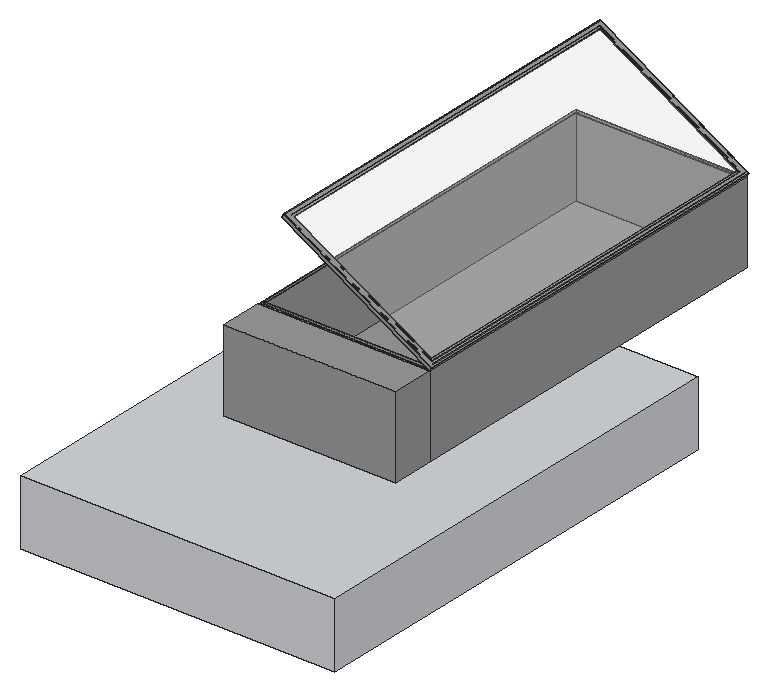
Revit family "Hager-Univers-IP55-D400-H2050-Cl.II-Steel_encl-ES-es", category Equipement électrique, Revit 2020
Family settings
  Hôte = Face
  Configuration du panneau = Deux colonnes, circuits au sein
  Cote de connecteur circulaire = Utiliser le diamètre
  Type d'élément = Tableau de raccordement
  Couper avec des vides une fois chargée = Non
  Partagée = Non
  Point de calcul de pièce = Non
Parameters (values of type "Instalación de suelo IP55 A800 A2050 P400  - FR23U2")
  Width Control [instance] = if([EF000008 - Anchura] > Min Width, [EF000008 - Anchura], Min Width)  # 800 mm
  Commentaires du type = [HG000003 - Gama]  # "Univers"
  Thickness Door [instance] = if([EF009171 - Espesor puerta/tapa] > 3 mm, 3 mm, [EF009171 - Espesor puerta/tapa])  # 1.5 mm
  Seal Frame Offset [instance] = 17 mm  # constant formula
  Plinth Visibility [instance] = [HG000027 - Altura de zócalo] > 0 mm  # yes
  Model = ""
  Min Width [instance] = 100 mm  # constant formula
  Min Height [instance] = 100 mm  # constant formula
  Min Depth [instance] = (2 * [EF009170 - Espesor del material de la caja]) + 1 mm  # 4 mm
  Internal Frame Depth [instance] = (Door System Depth * 0.5)  # 9 mm
  Height Control [instance] = if([EF000040 - Altura] > Min Height, [EF000040 - Altura], Min Height)  # 2050 mm
  HG000027 - Altura de zócalo = 200 mm
  HG000026 - Instalación en suelo = yes
  HG000024 - Altura de la sección inferior = 800 mm
  HG000023 - Caja de doble sección = no
  HG000016 - Visibilidad de la puerta 3D [instance] = yes
  HG000015 - Visibilidad a través de la puerta [instance] = no
  HG000014 - Puerta a la derecha [instance] = yes
  HG000013 - Puerta a la izquierda [instance] = not([HG000014 - Puerta a la derecha])  # no
  HG000012 - Ángulo de giro de la puerta [instance] = 30.00°
  HG000010 - Puertas asimétricas = no
  HG000009 - Puerta batiente doble = no
  HG000006 - Empotrado = no
  HG000004 - Referencia del fabricante = "FR23U2"
  HG000003 - Gama = "Univers"
  HG000002 - Con puerta o tapa = yes
  Frame Offset Bottom [instance] = 10 mm  # constant formula
  Frame Offset [instance] = 15 mm  # constant formula
  EF015940 - Tapa con alivio de sobrepresión = no
  EF011959 - Grado de protección (NEMA) = ""
  EF009554 - Número de aberturas para placas-brida = 6
  Fabricant = "Hager"  # constant formula
  EF009212 - Versión de la cubierta = "EV000116 - Cerrado"
  EF009171 - Espesor puerta/tapa = 1.5 mm
  EF009170 - Espesor del material de la caja = 1.5 mm
  EF008873 - Corriente nominal (In) = 800 A
  EF007800 - Adecuado para la protección contra rayos = no
  EF006306 - Con cierre = no
  EF006244 - Tapa/puerta transparente = yes
  EF005474 - Grado de protección (IP) = "EV006420 - IP55"
  EF004464 - Tipo de puerta = "EV002646 - Único"
  EF004427 - Número de módulos = 432
  EF004293 - Resistencia al impacto (IK) = "EV008784 - IK10"
  EF003532 - Adecuado para uso en exteriores = no
  EF002950 - Anchura de unidades de división = 24
  EF001613 - Integridad del circuito = "EV000494 - Ninguno"
  EF001596 - Material de la carcasa = "EV000179 - Acero"
  EF001131 - Profundidad interna = 400 mm
  EF001088 - Posibilidad de extensión = yes
  EF000437 - Número de entradas de conductos de cables = 6
  EF000339 - Tipo de cubierta = "EV004216 - Puerta"
  EF000266 - Número de filas = 12
  EF000218 - Profundidad de instalación = 0 mm
  EF000118 - Con placa de montaje = no
  EF000116 - Número RAL = "7035"
  EF000049 - Profundidad = 400 mm
  EF000040 - Altura = 2050 mm
  EF000008 - Anchura = 800 mm
  EF000007 - Color = "EV000270 - Gris"
  EF000003 - Tipo de montaje = "EV012274 - Instalación de suelo"
  Door System Leaf Tolerance [instance] = 1.5 mm  # constant formula
  Door System Depth [instance] = 18 mm  # constant formula
  Door Height [instance] = Height Control - [HG000027 - Altura de zócalo]  # 1850 mm
  Depth Control [instance] = if([EF000049 - Profundidad] > Min Depth, [EF000049 - Profundidad], Min Depth)  # 400 mm
  Default Elevation = 0 mm
  Connector Offset [instance] = Height Control / 2  # 1025 mm
  Bottom Top Plate Trim [instance] = 1.5 mm  # constant formula
  Plinth height Ctrl [instance] = if([HG000027 - Altura de zócalo] > 0 mm, [HG000027 - Altura de zócalo], 12 mm)  # 200 mm
Types (11, lengths in mm): name | Width Control | HG000010 - Puertas asimétricas | HG000009 - Puerta batiente doble | HG000004 - Referencia del fabricante | EF009554 - Número de aberturas para placas-brida | EF006244 - Tapa/puerta transparente | EF004464 - Tipo de puerta | EF004427 - Número de módulos | EF000437 - Número de entradas de conductos de cables | EF000008 - Anchura
  Instalación de suelo IP55 A1050 A2050 P400  - FR24H2 | 1050 | yes | yes | "FR24H2" | 8 | no | "EV003602 - Doble" | 576 | 8 | 1050
  Instalación de suelo IP55 A1050 A2050 P400  - FR24U2 | 1050 | yes | yes | "FR24U2" | 8 | yes | "EV003602 - Doble" | 576 | 8 | 1050
  Instalación de suelo IP55 A1300 A2050 P400  - FR25H2 | 1300 | yes | yes | "FR25H2" | 10 | no | "EV003602 - Doble" | 720 | 10 | 1300
  Instalación de suelo IP55 A1300 A2050 P400  - FR25U2 | 1300 | yes | yes | "FR25U2" | 10 | yes | "EV003602 - Doble" | 720 | 10 | 1300
  Instalación de suelo IP55 A1550 A2050 P400  - FR26H2 | 1550 | yes | yes | "FR26H2" | 12 | no | "EV003602 - Doble" | 864 | 12 | 1550
  Instalación de suelo IP55 A1550 A2050 P400  - FR26U2 | 1550 | yes | yes | "FR26U2" | 12 | yes | "EV003602 - Doble" | 864 | 12 | 1550
  Instalación de suelo IP55 A300 A2050 P400  - FR21H2 | 300 | no | no | "FR21H2" | 2 | no | "EV002646 - Único" | 144 | 2 | 300
  Instalación de suelo IP55 A550 A2050 P400  - FR22H2 | 550 | no | no | "FR22H2" | 4 | no | "EV002646 - Único" | 288 | 4 | 550
  Instalación de suelo IP55 A550 A2050 P400  - FR22U2 | 550 | no | no | "FR22U2" | 4 | yes | "EV002646 - Único" | 288 | 4 | 550
  Instalación de suelo IP55 A800 A2050 P400  - FR23H2 | 800 | no | no | "FR23H2" | 6 | no | "EV002646 - Único" | 432 | 6 | 800
  Instalación de suelo IP55 A800 A2050 P400  - FR23U2 | 800 | no | no | "FR23U2" | 6 | yes | "EV002646 - Único" | 432 | 6 | 800
Reference planes
  plane 1 "Center (Front/Back)": y = 0
  plane 2: z = 0
  plane 3 "Center (Left/Right)": x = 0
  plane 4: z = 400
  plane 5: y = 201.5
  plane 6: y = 1125
  plane 7: y = 200
  plane 8: y = 2050
  plane 9: z = 0
  plane 10: x = -385
  plane 11: x = 385
  plane 12: x = 383.5
  plane 13: x = -383.5
  plane 14: y = 2048.5
  plane 15: x = -383
  plane 16: x = -400
  plane 17: x = 383
  plane 18: x = 400
  plane 19: x = 398.5
  plane 20: x = -398.5
  plane 21: y = 211.5
  plane 22: y = 2050
  plane 23: y = 2033.5
  plane 24: z = 382
  plane 25: z = 1.5
  plane 26: z = 380.5
  plane 27: z = 398.5
Forms (mm)
  Extrusion 1, solid
    sketch origin (0, 0, 0) x (1, 0, 0) y (0, 1, 0)
      loop
        line (-702.964, 1305) -> (-702.964, -811.445) -> (766.763, -811.445) -> (766.763, 1305) -> (-702.964, 1305)
    from 0 to -304.8
  Extrusion 2, solid, material "Hager_Steel_RAL7035_Light_Grey", visible <- "Plinth Visibility", detail levels medium+fine
    sketch origin (0, 0, 0) x (1, 0, 0) y (0, 1, 0)
      loop
        line (-400, 0) -> (400, 0) -> (400, 200) -> (-400, 200) -> (-400, 0)
    from 0 to 382
  Extrusion 3, solid, material "Hager_Steel_RAL7035_Light_Grey", detail levels medium+fine
    sketch origin (0, 0, 0) x (1, 0, 0) y (0, 1, 0)
      loop
        line (-400, 200) -> (400, 200) -> (400, 2050) -> (-400, 2050) -> (-400, 200)
    from 0 to 382
  Extrusion 4, void
    sketch origin (0, 0, 0) x (1, 0, 0) y (0, 1, 0)
      loop
        line (-398.5, 201.5) -> (398.5, 201.5) -> (398.5, 2048.5) -> (-398.5, 2048.5) -> (-398.5, 201.5)
    from 1.5 to 380.5
  Extrusion 5, void
    sketch origin (-381.607, -4572, 382) x (0, -1, 0) y (-1, 0, 0)
      loop
        line (-4783.5, 1.893) -> (-6605.5, 1.893) -> (-6605.5, -765.107) -> (-4783.5, -765.107) -> (-4783.5, 1.893)
    from 0 to 1.5 <- "EF009170 - Espesor del material de la caja"
  Extrusion 6, solid, material "Hager_Steel_RAL7035_Light_Grey", detail levels fine
    sketch origin (0, 0, 382) x (1, 0, 0) y (0, 1, 0)
      loop
        line (-383.5, 2033.5) -> (-383.5, 211.5) -> (383.5, 211.5) -> (383.5, 2033.5) -> (-383.5, 2033.5)
      loop
        line (-385, 210) -> (385, 210) -> (385, 2035) -> (-385, 2035) -> (-385, 210)
    from 0 to 9 <- "Internal Frame Depth"
  Extrusion 7, solid, material "Hager_Steel_RAL7035_Light_Grey", detail levels coarse
    sketch origin (0, 0, 0) x (1, 0, 0) y (0, 1, 0)
      loop
        line (-400, 0) -> (400, 0) -> (400, 2050) -> (-400, 2050) -> (-400, 0)
    from 0 to 400
  Sweep 8, void
    path in 3D
      loop
        line (-400, 200, 0) -> (400, 200, 0) -> (400, 200, 382) -> (-400, 200, 382) -> (-400, 200, 0)
    profile origin (-400, 200, 191) x (-1, 0, 0) y (0, -1, 0)
      loop
        line (0, 0) -> (0, 1.5) -> (-1.5, 1.5)
        arc (-1.5, 1.5) -> (-1.061, 0.439) -> (0, 0) r 1.5
Cuts and joins
  Extrusion 4, Extrusion 5 cuts Extrusion 3
  Sweep 8 cuts Extrusion 2
Lines and regions (mm)
  Masking region 1
    outline origin (0, 0, 0) x (1, 0, 0) y (0, 0, 1)
      loop
        line (-400, 400) -> (-400, 0) -> (400, 0) -> (400, 400) -> (-400, 400)
  Masking region 2, detail levels medium+fine
    outline origin (0, 140, 0) x (0, 1, 0) y (0, 0, 1)
      loop
        line (60, 0) -> (1910, 0) -> (1910, 382) -> (60, 382) -> (60, 0)
  Masking region 3, not visible, detail levels medium+fine
    outline origin (0, 297.922, 0) x (0, 1, 0) y (0, 0, 1)
      loop
        line (838.578, 0) -> (878.578, 0) -> (878.578, 388.5)
        arc (878.578, 388.5) -> (875.649, 395.571) -> (868.578, 398.5) r 10
        line (868.578, 398.5) -> (838.578, 398.5) -> (838.578, 0)
  Masking region 4, detail levels coarse
    outline origin (0, 0, 180) x (0, 1, 0) y (0, 0, 1)
      loop
        line (0, -180) -> (2050, -180) -> (2050, 220) -> (0, 220) -> (0, -180)
  Masking region 5, visible <- "Plinth Visibility", detail levels medium+fine
    outline origin (0, 52.24, 12.345) x (0, 0, -1) y (0, 1, 0)
      loop
        line (10.845, 147.76) -> (-368.155, 147.76)
        arc (-368.155, 147.76) -> (-368.594, 146.699) -> (-369.655, 146.26) r 1.5
        line (-369.655, 146.26) -> (-369.655, -52.24) -> (12.345, -52.24) -> (12.345, 146.26)
        arc (12.345, 146.26) -> (11.285, 146.699) -> (10.845, 147.76) r 1.5
  Masking region 6, detail levels medium+fine
    outline origin (-381.607, -4572, 382) x (-1, 0, 0) y (0, -1, 0)
      loop
        line (18.393, -6622) -> (18.393, -4772) -> (-781.607, -4772) -> (-781.607, -6622) -> (18.393, -6622)
  Masking region 7, visible <- "Plinth Visibility", detail levels medium+fine
    outline origin (-381.607, -4727, 382) x (-1, 0, 0) y (0, -1, 0)
      loop
        arc (16.893, -4927) -> (17.332, -4925.939) -> (18.393, -4925.5) r 1.5
        line (18.393, -4925.5) -> (18.393, -4727) -> (-781.607, -4727) -> (-781.607, -4925.5)
        arc (-781.607, -4925.5) -> (-780.546, -4925.939) -> (-780.107, -4927) r 1.5
        line (-780.107, -4927) -> (16.893, -4927)
  Masking region 8, detail levels coarse
    outline origin (-442.548, -4669.526, 382) x (-1, 0, 0) y (0, -1, 0)
      loop
        line (-42.548, -6719.526) -> (-42.548, -4669.526) -> (-842.548, -4669.526) -> (-842.548, -6719.526) -> (-42.548, -6719.526)
  sketch lines
    curve 1: line (-400, 200, 382) -> (-400, 200, 0)
    curve 2: line (400, 200, 382) -> (-400, 200, 382)
    curve 3: line (400, 200, 382) -> (400, 200, 0)
    curve 4: line (-400, 200, 0) -> (400, 200, 0)
Dimensions and locks
  "Depth Control": plane 4 to Extrusion 1
  "HG000027 - Altura de zócalo": plane 1 "Center (Front/Back)" to plane 7
  "EF009170 - Espesor del material de la caja": plane 5 to plane 7
  locked: connector elem to plane 3 "Center (Left/Right)"
  equal spacing: plane 8, plane 6, plane 7
  locked: connector elem to plane 6
  "EF009170 - Espesor del material de la caja": plane 8 to plane 14
  "EF009170 - Espesor del material de la caja": plane 10 to plane 13
  "EF009170 - Espesor del material de la caja": plane 12 to plane 11
  "Frame Offset": plane 20 to plane 13
  "Frame Offset": plane 12 to plane 19
  "EF009170 - Espesor del material de la caja": plane 16 to plane 20
  "EF009170 - Espesor del material de la caja": plane 19 to plane 18
  "Seal Frame Offset": plane 16 to plane 15
  "Seal Frame Offset": plane 17 to plane 18
  "Frame Offset Bottom": plane 21 to plane 5
  "Frame Offset": plane 14 to plane 23
  equal spacing: plane 16, plane 3 "Center (Left/Right)", plane 18
  "Width Control": plane 16 to plane 18
  "EF009170 - Espesor del material de la caja": plane 4 to plane 27
  "EF009170 - Espesor del material de la caja": plane 24 to plane 26
  "EF009170 - Espesor del material de la caja": plane 25 to level
  "Door System Depth": plane 4 to plane 24
  "Height Control": plane 1 "Center (Front/Back)" to Extrusion 7 sketch curve
  "Height Control": Masking region 4 sketch curve to plane 1 "Center (Front/Back)"
  "Height Control": plane 1 "Center (Front/Back)" to plane 22
  "Bottom Top Plate Trim": profile plane to Sweep 8 sketch curve
  "Bottom Top Plate Trim": Sweep 8 sketch curve to profile plane
  "Plinth height Ctrl": plane 1 "Center (Front/Back)" to Extrusion 2 sketch curve
  "Plinth height Ctrl": Masking region 5 sketch curve to plane 1 "Center (Front/Back)"
  "Plinth height Ctrl": plane 1 "Center (Front/Back)" to Masking region 7 sketch curve
  "Thickness Door": Extrusion 6 sketch curve to Extrusion 6 sketch curve  (x3)
  "Thickness Door": cut or joined group of Extrusion 3, Extrusion 4, Extrusion 5 to Extrusion 6 sketch curve
  radius of Masking region 3 sketch curve = 10 mm
  "Bottom Top Plate Trim": radius of Masking region 5 sketch curve  (x2)
  "Bottom Top Plate Trim": radius of Sweep 8 sketch curve
  "Bottom Top Plate Trim": radius of Masking region 7 sketch curve  (x2)
  aligned and locked: plane 2 to Extrusion 1
  aligned and locked: level to Extrusion 1
  aligned and locked: level to Masking region 1 sketch curve
  aligned and locked: Masking region 1 sketch curve to plane 18
  aligned and locked: Masking region 1 sketch curve to plane 16
  aligned and locked: plane 7 to Masking region 2 sketch curve
  aligned and locked: level to Masking region 3 sketch curve
  aligned and locked: Masking region 3 sketch curve to plane 27
  aligned and locked: level to Masking region 2 sketch curve
  aligned and locked: plane 1 "Center (Front/Back)" to Extrusion 2 sketch curve
  aligned and locked: Extrusion 3 sketch curve to plane 7
  aligned and locked: plane 16 to Extrusion 3 sketch curve
  aligned and locked: plane 18 to Extrusion 3 sketch curve
  aligned and locked: plane 20 to Extrusion 4 sketch curve
  aligned and locked: plane 19 to Extrusion 4 sketch curve
  aligned and locked: Extrusion 4 sketch curve to plane 5
  aligned and locked: Extrusion 4 to plane 25
  aligned and locked: plane 26 to Extrusion 4
  aligned and locked: plane 24 to Extrusion 3
  aligned and locked: Extrusion 5 sketch curve to plane 21
  aligned and locked: Extrusion 5 sketch curve to plane 13
  aligned and locked: Extrusion 5 sketch curve to plane 12
  aligned and locked: plane 18 to Extrusion 7 sketch curve
  aligned and locked: plane 1 "Center (Front/Back)" to Extrusion 7 sketch curve
  aligned and locked: plane 16 to Extrusion 7 sketch curve
  aligned and locked: plane 4 to Extrusion 7
  aligned and locked: Extrusion 7 to level
  aligned and locked: level to Masking region 4 sketch curve
  aligned and locked: Masking region 4 sketch curve to plane 1 "Center (Front/Back)"
  aligned and locked: Masking region 4 sketch curve to plane 4
  aligned and locked: nested 1 to level
  aligned and locked: nested 1 to plane 16
  aligned and locked: plane 8 to Extrusion 3 sketch curve
  aligned and locked: plane 23 to Extrusion 5 sketch curve
  aligned and locked: plane 14 to Extrusion 4 sketch curve
  aligned and locked: Masking region 2 sketch curve to plane 8
  aligned and locked: level to Masking region 5 sketch curve
  aligned and locked: plane 16 to Extrusion 2 sketch curve
  aligned and locked: plane 18 to Extrusion 2 sketch curve
  aligned and locked: Masking region 5 sketch curve to plane 24
  aligned and locked: Masking region 2 sketch curve to plane 24
  aligned and locked: plane 24 to Extrusion 2
  aligned and locked: profile plane to Sweep 8 sketch curve  (x2)
  aligned and locked: Masking region 6 sketch curve to plane 18
  aligned and locked: Masking region 6 sketch curve to plane 22
  aligned and locked: Masking region 6 sketch curve to plane 16
  aligned and locked: plane 8 to plane 22
  aligned and locked: Masking region 6 sketch curve to plane 7
  aligned and locked: Masking region 7 sketch curve to plane 16
  aligned and locked: Masking region 7 sketch curve to plane 1 "Center (Front/Back)"
  aligned and locked: Masking region 7 sketch curve to plane 18
  aligned and locked: Masking region 8 sketch curve to plane 1 "Center (Front/Back)"
  aligned and locked: Masking region 8 sketch curve to plane 18
  aligned and locked: Masking region 8 sketch curve to plane 22
  aligned and locked: Masking region 8 sketch curve to plane 16
  aligned and locked: nested 2 to plane 7
  aligned and locked: plane 3 "Center (Left/Right)" to nested 2
  aligned and locked: nested 2 to plane 24
  aligned and locked: Extrusion 6 sketch curve to cut or joined group of Extrusion 3, Extrusion 4, Extrusion 5  (x4)
Automatic sketch dimensions
  Extrusion 1 sketch curve to Extrusion 1 sketch curve = 1469.727 mm
  Extrusion 1 sketch curve to Extrusion 1 sketch curve = 2116.445 mm
  Masking region 1 sketch curve to plane 4 = 0 mm
  plane 6 to Masking region 3 sketch curve = 11.5 mm
  Masking region 3 sketch curve to Masking region 3 sketch curve = 30 mm
  Masking region 5 sketch curve to plane 1 "Center (Front/Back)" = 0 mm
Nested families
  nested 1: "Hager_Enclosure_Symbol" at (-400, 0, 0) x (1, 0, 0) z (0, -1, 0), Height <- "Depth Control", Width <- "Width Control", type "Hager_Enclosure_Symbol"
    with Width_Ctrl 800 mm, Width 800 mm, Height_Ctrl 400 mm, Height 400 mm, A_Width_Int 26.25 mm, A_Width 315 mm, A_Height_Ctrl 350 mm, A_Height 350 mm
  nested 2: "EC000058_Univers_Door" at (0, 200, 382) x (1, 0, 0) z (0, 1, 0), Leaf_Tolerance <- "Door System Leaf Tolerance", Angle <- "HG000012 - Ángulo de giro de la puerta", Door_Depth <- "Door System Depth", Door_Left <- "HG000013 - Puerta a la izquierda", Transparent <- "EF006244 - Tapa/puerta transparente", Assymetrical <- "HG000010 - Puertas asimétricas", Width <- "Width Control", Clearance <- "HG000015 - Visibilidad a través de la puerta", Double <- "HG000009 - Puerta batiente doble", 3d_Door <- "HG000016 - Visibilidad de la puerta 3D", Lock_Visibility <- "EF006306 - Con cierre", Width_Ctrl <- "Width Control", Door_Right <- "HG000014 - Puerta a la derecha", Door <- "HG000002 - Con puerta o tapa", Height <- "Door Height", Thickness <- "Thickness Door", type "EC000058_Univers_Door", detail levels medium+fine
    with min_wh 4 mm, Width_Ctrl 800 mm, Width 800 mm, Transparent yes, Thickness 1.5 mm, Seal_Material Hager_Rubber, Lock_Visibility no, Lock_Material Hager_Plastic_RAL9005_Jet_Black, Leaf_Width 800 mm, Leaf_Tolerance_External_Sides 0 mm, Leaf_Tolerance 1.5 mm, Leaf_Offset 0 mm, Leaf_Height 1847 mm, Leaf_2_Width 800 mm, Leaf_2_Offset 400 mm, Leaf_1_Width 800 mm, Leaf_1_Offset 400 mm, Height_Ctrl 1850 mm, Height 1850 mm, Glass_Material Hager_Glass, Double_Clearance_Ctrl no, Double no, Door_Right_Ctrl yes, Door_Right yes, Door_Material Hager_Steel_RAL7035_Light_Grey, Door_Left_Ctrl no, Door_Left no, Door_Depth 18 mm, Door yes, Clearance_Material Hager_Clearance, Clearance_Depth 800 mm, Clearance_Ctrl no, Clearance no, Assymetrical no, Angle 30.00°, 3d_Door yes
Connectors
  electrical at (0, 1125, 0)
    settings: on plane 9, index 1, voltage 0 V, apparent load 0 VA, apparent load phase1 0 VA, apparent load phase2 0 VA, apparent load phase3 0 VA, power factor 1, load classification "Other", number of poles 1, system type 30, power factor state 1, is connector primary yes, connector utility no, sub classification motor no, connector description ""
Definition of nested family "EC000058_Univers_Door"
  Parameters (values of type "EC000058_Univers_Door")
    min_wh [instance] = (2 * Thickness) + 1 mm  # 11 mm
    Width_Ctrl [instance] = 400 mm
    Width [instance] = 500 mm
    Transparent [instance] = yes
    Thickness [instance] = 5 mm
    Seal_Material [instance] = none
    Lock_Visibility [instance] = yes
    Lock_Material [instance] = none
    Leaf_Width [instance] = if((Width_Ctrl - 2 * Leaf_Tolerance_External_Sides) > 0 mm, (Width_Ctrl - 2 * Leaf_Tolerance_External_Sides), min_wh)  # 400 mm
    Leaf_Tolerance_External_Sides [instance] = 0 mm  # constant formula
    Leaf_Tolerance [instance] = 1.5 mm
    Leaf_Offset [instance] = 0 mm  # constant formula
    Leaf_Height [instance] = if((Height_Ctrl - 2 * Leaf_Tolerance) > 0 mm, (Height_Ctrl - 2 * Leaf_Tolerance), min_wh)  # 497 mm
    Leaf_2_Width [instance] = if(and(and(Double, Assymetrical), Door_Left), (Leaf_Width / 3) - (Leaf_Tolerance / 2), if(and(and(Double, Assymetrical), Door_Right), (Leaf_Width / 3) * 2 - (Leaf_Tolerance / 2), if(and(Double, not(Assymetrical)), (Leaf_Width / 2) - Leaf_Tolerance, Leaf_Width)))  # 400 mm
    Leaf_2_Offset [instance] = if(and(Double, Assymetrical), Leaf_2_Width / 2, if(and(Double, not(Assymetrical)), Leaf_Width / 4, Leaf_Width / 2))  # 200 mm
    Leaf_1_Width [instance] = if(and(and(Double, Assymetrical), Door_Right), (Leaf_Width / 3) - (Leaf_Tolerance / 2), if(and(and(Double, Assymetrical), Door_Left), (Width / 3) * 2 - (Leaf_Tolerance / 2), if(and(Double, not(Assymetrical)), (Leaf_Width / 2) - Leaf_Tolerance, Leaf_Width)))  # 400 mm
    Leaf_1_Offset [instance] = if(and(Double, Assymetrical), Leaf_1_Width / 2, if(and(Double, not(Assymetrical)), Leaf_Width / 4, Leaf_Width / 2))  # 200 mm
    Height_Ctrl [instance] = if(Height > min_wh, Height, min_wh)  # 500 mm
    Height [instance] = 500 mm
    Glass_Material [instance] = none
    Double_Clearance_Ctrl [instance] = and(Double, Clearance)  # no
    Double [instance] = no
    Door_Right_Ctrl [instance] = and(or(Door_Right, Double), Door)  # yes
    Door_Right [instance] = yes
    Door_Material [instance] = none
    Door_Left_Ctrl [instance] = and(or(Door_Left, Double), Door)  # no
    Door_Left [instance] = no
    Door_Depth [instance] = 30 mm
    Door [instance] = yes
    Default Elevation = 1219.2 mm
    Clearance_Material [instance] = none
    Clearance_Depth [instance] = if(Leaf_1_Width > Leaf_2_Width, Leaf_1_Width, Leaf_2_Width)  # 400 mm
    Clearance_Ctrl [instance] = and(not(Double), Clearance)  # yes
    Clearance [instance] = yes
    Assymetrical [instance] = yes
    Angle [instance] = 30.00°
    3d_Door [instance] = yes
  Reference planes
    plane 1 "Center (Front/Back)": y = 0
    plane 2 "Bottom": z = 0
    plane 3 "Center (Left/Right)": x = 0
    plane 4: z = 500
    plane 5: x = -200
    plane 6: x = 200
    plane 7: z = 500
    plane 8: x = -200
    plane 9: z = 0
    plane 10: x = 200
    plane 11: y = 0
    plane 12: z = 1.5
    plane 13: x = -600
    plane 14: y = -400
    plane 15: x = 600
    plane 16: x = 0
    plane 17: x = 0
    plane 18: x = -200
    plane 19: x = 200
    plane 20: z = 498.5
  Forms (mm)
    Extrusion 1, solid, material <- "Clearance_Material", visible <- "Double_Clearance_Ctrl"
      sketch origin (1200, 0, 0) x (1, 0, 0) y (0, 0, -1)
        loop
          line (-1800, -498.5) -> (-600, -498.5) -> (-600, 0) -> (-1800, 0) -> (-1800, -498.5)
      from 0 to -400
  Dimensions and locks
    equal spacing: plane 5, plane 3 "Center (Left/Right)", plane 6
    "Width_Ctrl": plane 5 to plane 6
    "Leaf_Offset": plane 5 to plane 8
    "Leaf_Offset": plane 6 to plane 10
    "Leaf_Offset": plane 9 to level
    "Leaf_Offset": plane 4 to plane 7
    "Height_Ctrl": plane 4 to level
    "Leaf_Tolerance": plane 12 to plane 9
    locked: plane 11 to plane 1 "Center (Front/Back)"
    "Leaf_1_Offset": plane 18 to plane 16
    "Leaf_2_Offset": plane 17 to plane 19
    "Leaf_1_Width": plane 13 to plane 8
    "Leaf_2_Width": plane 10 to plane 15
    "Clearance_Depth": plane 14 to plane 1 "Center (Front/Back)"
    "Leaf_Tolerance_External_Sides": plane 8 to plane 18
    "Leaf_Tolerance_External_Sides": plane 19 to plane 10
    "Leaf_Tolerance": plane 7 to plane 20
    aligned and locked: level to plane 2 "Bottom"
    aligned and locked: nested 1 to plane 16
    aligned and locked: nested 2 to plane 17
    aligned and locked: Extrusion 1 to plane 13
    aligned and locked: plane 15 to Extrusion 1
    aligned and locked: Extrusion 1 to plane 14
    aligned and locked: plane 12 to nested 1
    aligned and locked: nested 2 to plane 12
    aligned and locked: Extrusion 1 to plane 11
    aligned and locked: plane 20 to Extrusion 1
    aligned and locked: nested 2 to plane 11
    aligned and locked: nested 1 to plane 11
  Automatic sketch dimensions
    Extrusion 1 sketch curve to level = 0 mm
    plane 5 to Extrusion 1 sketch curve = 400 mm
    plane 6 to Extrusion 1 sketch curve = 400 mm
    Extrusion 1 sketch curve to plane 4 = 1.5 mm
  Nested families
    nested 1: "EC000058_Univers_Door_Leaf" at (0, 0, 1.5), Width <- "Leaf_1_Width", visible <- "Door_Left_Ctrl", Leaf_Height <- "Leaf_Height", Angle <- "Angle", 3d_Door <- "3d_Door", Transparent <- "Transparent", Clearance Material <- "Clearance_Material", Clearance <- "Clearance_Ctrl", Door_Material <- "Door_Material", Glass_Material <- "Glass_Material", Door_Depth <- "Door_Depth", Lock_Material <- "Lock_Material", Seal_Material <- "Seal_Material", Lock_Visibility <- "Lock_Visibility", Thickness <- "Thickness", type "EC000058_Univers_Door_Leaf"
      with Width 400 mm, Transparent_Glass_Offset 30 mm, Transparent_Ctrl yes, Transparent yes, Thickness 5 mm, Standard no, Seal_Material none, Seal_D2 8 mm, Seal_D1 1 mm, Offset_Internal_Frame 10 mm, Lock_Width 20 mm, Lock_Visibility_3d yes, Lock_Visibility yes, Lock_Thickness_3 3 mm, Lock_Thickness_2 1 mm, Lock_Thickness_1 3 mm, Lock_Radius_Offset_2 16 mm, Lock_Radius_Offset_1 15 mm, Lock_Radius_2 5 mm, Lock_Radius 6 mm, Lock_Offset 5 mm, Lock_Material none, Lock_Height 80 mm, Lock_Cover_Top_Offset_2d 17 mm, Lock_Cover_Height -65 mm, Leaf_Height 497 mm, Internal_Seal_Thickness 8 mm, Internal_Seal_Depth_2 4.5 mm, Internal_Frame_Depth 25 mm, Glass_Thickness -1 mm, Glass_Offset -2 mm, Glass_Material none, Door_Material none, Door_Depth 30 mm, Clearance Material none, Clearance yes, Angle_Ctrl 30.00°, Angle 30.00°, 3d_Door yes
    nested 2: "EC000058_Univers_Door_Leaf" at (0, 0, 1.5) x (-1, 0, 0) z (0, 0, 1), Width <- "Leaf_2_Width", visible <- "Door_Right_Ctrl", Leaf_Height <- "Leaf_Height", Angle <- "Angle", 3d_Door <- "3d_Door", Transparent <- "Transparent", Clearance Material <- "Clearance_Material", Clearance <- "Clearance_Ctrl", Door_Material <- "Door_Material", Glass_Material <- "Glass_Material", Door_Depth <- "Door_Depth", Lock_Material <- "Lock_Material", Seal_Material <- "Seal_Material", Lock_Visibility <- "Lock_Visibility", Thickness <- "Thickness", type "EC000058_Univers_Door_Leaf"
      with Width 400 mm, Transparent_Glass_Offset 30 mm, Transparent_Ctrl yes, Transparent yes, Thickness 5 mm, Standard no, Seal_Material none, Seal_D2 8 mm, Seal_D1 1 mm, Offset_Internal_Frame 10 mm, Lock_Width 20 mm, Lock_Visibility_3d yes, Lock_Visibility yes, Lock_Thickness_3 3 mm, Lock_Thickness_2 1 mm, Lock_Thickness_1 3 mm, Lock_Radius_Offset_2 16 mm, Lock_Radius_Offset_1 15 mm, Lock_Radius_2 5 mm, Lock_Radius 6 mm, Lock_Offset 5 mm, Lock_Material none, Lock_Height 80 mm, Lock_Cover_Top_Offset_2d 17 mm, Lock_Cover_Height -65 mm, Leaf_Height 497 mm, Internal_Seal_Thickness 8 mm, Internal_Seal_Depth_2 4.5 mm, Internal_Frame_Depth 25 mm, Glass_Thickness -1 mm, Glass_Offset -2 mm, Glass_Material none, Door_Material none, Door_Depth 30 mm, Clearance Material none, Clearance yes, Angle_Ctrl 30.00°, Angle 30.00°, 3d_Door yes
  Definition of nested family "EC000058_Univers_Door_Leaf"
    Parameters (values of type "EC000058_Univers_Door_Leaf")
      Width [instance] = 2000 mm
      Transparent_Glass_Offset [instance] = 30 mm
      Transparent_Ctrl [instance] = and(Transparent, [3d_Door])  # yes
      Transparent [instance] = yes
      Thickness [instance] = 5 mm
      Standard [instance] = and(not(Transparent), [3d_Door])  # no
      Seal_Material [instance] = none
      Seal_D2 [instance] = 8 mm  # constant formula
      Seal_D1 [instance] = 1 mm  # constant formula
      Offset_Internal_Frame [instance] = 10 mm  # constant formula
      Lock_Width [instance] = 20 mm  # constant formula
      Lock_Visibility_3d [instance] = and(Lock_Visibility, [3d_Door])  # yes
      Lock_Visibility [instance] = yes
      Lock_Thickness_3 [instance] = 3 mm  # constant formula
      Lock_Thickness_2 [instance] = 1 mm  # constant formula
      Lock_Thickness_1 [instance] = 3 mm  # constant formula
      Lock_Radius_Offset_2 [instance] = Lock_Radius_Offset_1 + 1 mm  # 16 mm
      Lock_Radius_Offset_1 [instance] = 15 mm  # constant formula
      Lock_Radius_2 [instance] = Lock_Radius - 1 mm  # 5 mm
      Lock_Radius [instance] = 6 mm  # constant formula
      Lock_Offset [instance] = 5 mm  # constant formula
      Lock_Material [instance] = none
      Lock_Height [instance] = 80 mm  # constant formula
      Lock_Cover_Top_Offset_2d [instance] = Lock_Radius_Offset_2 + 1 mm  # 17 mm
      Lock_Cover_Height [instance] = -(Lock_Height - Lock_Radius_Offset_1)  # -65 mm
      Leaf_Height [instance] = 2720.336 mm
      Internal_Seal_Thickness [instance] = 8 mm  # constant formula
      Internal_Seal_Depth_2 [instance] = 4.5 mm  # constant formula
      Internal_Frame_Depth [instance] = if(Door_Depth - Thickness > 5 mm, Door_Depth - Thickness, 5 mm)  # 25 mm
      Glass_Thickness [instance] = if(Thickness > 15 mm, Glass_Offset + 10 mm, -1 mm)  # -1 mm
      Glass_Offset [instance] = if(Thickness > 15 mm, -(Thickness + 10 mm) / 2, -2 mm)  # -2 mm
      Glass_Material [instance] = none
      Door_Material [instance] = none
      Door_Depth [instance] = 30 mm
      Default Elevation = 0 mm
      Clearance Material [instance] = none
      Clearance [instance] = yes
      Angle_Ctrl [instance] = if(Angle > 180.00°, 180.00°, Angle)  # 90.00°
      Angle [instance] = 90.00°
      3d_Door [instance] = yes
    Reference planes
      plane 1 "Center (Front/Back)": y = 0
      plane 2: z = 0
      plane 3 "Center (Left/Right)": x = 0
      plane 4: y = 2000
      plane 5: x = -1000
      plane 6: x = 1000
      plane 7: x = -3000
      plane 8: z = 2720.336
      plane 9: z = 30
      plane 10: z = 2690.336
      plane 11: x = 970
      plane 12: x = -970
      plane 13: y = -3
      plane 14: z = 107.833
      plane 15: y = -5
      plane 16: y = -223.314
      plane 17: x = -1000
      plane 18: z = 1360.168
      plane 19: y = 30
    Forms (mm)
      Extrusion 1, solid, material <- "Clearance Material", visible <- "Clearance"
        sketch origin (0, 0, 0) x (1, 0, 0) y (0, 0, 1)
          loop
            line (-3000, 2720.336) -> (-3000, 0) -> (1000, 0) -> (1000, 2720.336) -> (-3000, 2720.336)
        from 0 to -2000
      Extrusion 2, solid, material <- "Door_Material", visible <- "Standard", detail levels medium+fine
        sketch origin (-1000, 0, 0) x (0, 1, 0) y (-1, 0, 0)
          loop
            line (0, 30) -> (0, 25) -> (2000, 25) -> (2000, 30) -> (0, 30)
        from 0 to 2720.336 <- "Leaf_Height"
      Extrusion 3, solid, material <- "Door_Material", visible <- "Transparent_Ctrl", detail levels medium+fine
        sketch origin (-1000, 0, 0) x (0, 1, 0) y (-1, 0, 0)
          loop
            line (0, 25) -> (2000, 25) -> (2000, 30) -> (0, 30) -> (0, 25)
        from 0 to 2720.336 <- "Leaf_Height"
      Extrusion 4, void
        sketch origin (-1025, 2000, 0) x (0, 1, 0) y (0, 0, -1)
          loop
            line (-30, -2690.336) -> (-30, -30) -> (-1970, -30) -> (-1970, -2690.336) -> (-30, -2690.336)
        from 0 to 5 <- "Thickness"
      Sweep 5, solid, material <- "Seal_Material", visible <- "Transparent_Ctrl", detail levels fine
        path in 3D
          loop
            line (-1025, 30, 30) -> (-1025, 30, 2690.336) -> (-1025, 1970, 2690.336) -> (-1025, 1970, 30) -> (-1025, 30, 30)
        profile origin (-1025, 1000, 30) x (1, 0, 0) y (0, 0, 1)
          loop
            line (0, 0) -> (0, -8) -> (1, -8) -> (1, 0) -> (0, 0)
      Extrusion 6, solid, material <- "Glass_Material", visible <- "Transparent_Ctrl", detail levels medium+fine
        sketch origin (-1030, 0, 0) x (0, 1, 0) y (0, 0, -1)
          loop
            line (1970, -2690.336) -> (1970, -30) -> (30, -30) -> (30, -2690.336) -> (1970, -2690.336)
        from -2 <- "Glass_Offset" to -1 <- "Glass_Thickness"
      Extrusion 7, solid, material <- "Door_Material", visible <- "3d_Door", detail levels medium+fine
        sketch origin (-1025, 2000, 0) x (0, -1, 0) y (0, 0, -1)
          loop
            line (0, -2720.336) -> (2000, -2720.336) -> (2000, 0) -> (0, 0) -> (0, -2720.336)
          loop
            line (1995, -5) -> (5, -5) -> (5, -2715.336) -> (1995, -2715.336) -> (1995, -5)
        from 0 to 25 <- "Internal_Frame_Depth"
      Sweep 8, solid, material <- "Seal_Material", visible <- "Transparent_Ctrl", detail levels fine
        path in 3D
          loop
            line (-1025, 0, 0) -> (-1025, 2000, 0) -> (-1025, 2000, 2720.336) -> (-1025, 0, 2720.336) -> (-1025, 0, 0)
        profile origin (-1025, 0, 1360.168) x (1, 0, 0) y (0, 1, 0)
          loop
            line (0, 10) -> (2.975, 10)
            arc (2.975, 10) -> (4.053, 10.447) -> (4.5, 11.525) r 1.525
            line (4.5, 11.525) -> (4.5, 16.527)
            arc (4.5, 16.527) -> (4.069, 17.569) -> (3.027, 18) r 1.473
            line (3.027, 18) -> (0, 18) -> (0, 10)
      Extrusion 9, solid, material <- "Lock_Material", visible <- "Lock_Visibility_3d", detail levels fine
        sketch origin (-1030, 0, 0) x (0, 1, 0) y (0, 0, -1)
          loop
            arc (1993.5, -1400.168) -> (1994.561, -1399.729) -> (1995, -1398.668) r 1.5
            line (1995, -1398.668) -> (1995, -1320.168) -> (1975, -1320.168) -> (1975, -1398.668)
            arc (1975, -1398.668) -> (1975.439, -1399.729) -> (1976.5, -1400.168) r 1.5
            line (1976.5, -1400.168) -> (1993.5, -1400.168)
        from 3 <- "Lock_Thickness_1" to 0
      Blend 10, solid, material <- "Lock_Material", visible <- "Lock_Visibility_3d", detail levels fine
        base sketch origin (-1033, 0, 0) x (0, 1, 0) y (0, 0, -1)
          loop
            line (1975, -1320.168) -> (1975, -1398.668)
            arc (1975, -1398.668) -> (1975.439, -1399.729) -> (1976.5, -1400.168) r 1.5
            line (1976.5, -1400.168) -> (1993.5, -1400.168)
            arc (1993.5, -1400.168) -> (1994.561, -1399.729) -> (1995, -1398.668) r 1.5
            line (1995, -1398.668) -> (1995, -1320.168) -> (1975, -1320.168)
        top sketch origin (-1033, 0, 0) x (0, 1, 0) y (0, 0, -1)
          loop
            line (1976, -1320.168) -> (1976, -1398.668)
            arc (1976, -1398.668) -> (1976.146, -1399.022) -> (1976.5, -1399.168) r 0.5
            line (1976.5, -1399.168) -> (1993.5, -1399.168)
            arc (1993.5, -1399.168) -> (1993.854, -1399.022) -> (1994, -1398.668) r 0.5
            line (1994, -1398.668) -> (1994, -1320.168) -> (1976, -1320.168)
        from 0 to 1 <- "Lock_Thickness_2"
      Blend 11, solid, material <- "Lock_Material", visible <- "Lock_Visibility_3d", detail levels fine
        base sketch origin (-1034, 0, 0) x (0, 1, 0) y (0, 0, -1)
          loop
            line (1978, -1320.168) -> (1978, -1384.168)
            arc (1978, -1384.168) -> (1985, -1391.168) -> (1992, -1384.168) r 7
            line (1992, -1384.168) -> (1992, -1320.168) -> (1978, -1320.168)
        top sketch origin (-1034, 0, 0) x (0, 1, 0) y (0, 0, -1)
          loop
            line (1991, -1320.168) -> (1979, -1320.168) -> (1979, -1383.168)
            arc (1979, -1383.168) -> (1985, -1389.168) -> (1991, -1383.168) r 6
            line (1991, -1383.168) -> (1991, -1320.168)
        from 0 to 3 <- "Lock_Thickness_3"
      Extrusion 12, solid, material <- "Lock_Material", visible <- "Lock_Visibility_3d", detail levels fine
        sketch origin (-1030, 1975, 1320.168) x (1, 0, 0) y (0, -1, 0)
          loop
            line (-7, -19) -> (-7, -1) -> (0, -1) -> (0, 0) -> (-8, 0) -> (-8, -20) -> (0, -20) -> (0, -19) -> (-7, -19)
        from 0 to -65 <- "Lock_Cover_Height"
      Extrusion 13, void
        sketch origin (-1038, 1995, 1320.168) x (-1, 0, 0) y (0, 0, -1)
          loop
            line (-5, -65) -> (0, -65) -> (-5, -60) -> (-5, -65)
        from 0 to 20 <- "Lock_Width"
      Extrusion 14, void
        sketch origin (-1038, 1975, 1320.168) x (0, -1, 0) y (0, 0, -1)
          loop
            circle (-10, -15.995) r 6
          loop
            circle (-10, -15.995) r 5
        from 0 to 2
      Extrusion 15, solid, material <- "Lock_Material", visible <- "Lock_Visibility_3d", detail levels medium
        sketch origin (-1030, 0, 0) x (0, 1, 0) y (0, 0, -1)
          loop
            arc (1993.5, -1400.168) -> (1994.561, -1399.729) -> (1995, -1398.668) r 1.5
            line (1995, -1398.668) -> (1995, -1320.168) -> (1975, -1320.168) -> (1975, -1398.668)
            arc (1975, -1398.668) -> (1975.439, -1399.729) -> (1976.5, -1400.168) r 1.5
            line (1976.5, -1400.168) -> (1993.5, -1400.168)
        from 8 to 0
    Cuts and joins
      Extrusion 4 cuts Extrusion 3
      Extrusion 13, Extrusion 14 cuts Extrusion 9
      Extrusion 14 cuts Blend 11
      Extrusion 13, Extrusion 14 cuts Extrusion 12
      joined: Extrusion 9, Blend 10, Blend 11, Extrusion 12
      Extrusion 14 cuts Extrusion 15
    Lines and regions (mm)
      Masking region 1, visible <- "Lock_Visibility", detail levels fine
        outline origin (0, 0, 0) x (0, 1, 0) y (0, 0, 1)
          loop
            line (30, 1320.168) -> (33, 1320.168) -> (33, 1400.168) -> (30, 1400.168) -> (30, 1320.168)
      Masking region 2, visible <- "Lock_Visibility", detail levels fine
        outline origin (0, 3.143, 0) x (0, 1, 0) y (0, 0, 1)
          loop
            line (29.857, 1354.168) -> (30.857, 1354.168) -> (30.857, 1366.168) -> (29.857, 1366.168) -> (29.857, 1354.168)
      Masking region 3, detail levels medium+fine
        outline origin (0, 0, 0) x (0, 1, 0) y (0, 0, 1)
          loop
            line (0, 0) -> (30, 0) -> (30, 2720.336) -> (0, 2720.336) -> (0, 0)
      Masking region 4, detail levels medium+fine
        outline origin (0, 0, 0) x (1, 0, 0) y (0, 0, 1)
          loop
            line (-1000, 2720.336) -> (-1000, 0) -> (1000, 0) -> (1000, 2720.336) -> (-1000, 2720.336)
      Masking region 5, visible <- "Lock_Visibility", detail levels fine
        outline origin (-47.116, 0, 0) x (1, 0, 0) y (0, 0, 1)
          loop
            arc (1024.616, 1399.168) -> (1023.556, 1398.729) -> (1023.116, 1397.668) r 1.5
            line (1023.116, 1397.668) -> (1023.116, 1320.168) -> (1041.116, 1320.168) -> (1041.116, 1397.668)
            arc (1041.116, 1397.668) -> (1040.677, 1398.729) -> (1039.616, 1399.168) r 1.5
            line (1039.616, 1399.168) -> (1024.616, 1399.168)
      Masking region 6, visible <- "Lock_Visibility", detail levels medium+fine
        outline origin (-25, 0, 0) x (1, 0, 0) y (0, 0, 1)
          loop
            arc (1001.5, 1400.168) -> (1000.439, 1399.729) -> (1000, 1398.668) r 1.5
            line (1000, 1398.668) -> (1000, 1320.168) -> (1020, 1320.168) -> (1020, 1398.668)
            arc (1020, 1398.668) -> (1019.561, 1399.729) -> (1018.5, 1400.168) r 1.5
            line (1018.5, 1400.168) -> (1001.5, 1400.168)
      Masking region 7, visible <- "Lock_Visibility", detail levels fine
        outline origin (-73.735, 0, 0) x (1, 0, 0) y (0, 0, 1)
          loop
            line (1051.735, 1382.168) -> (1065.735, 1382.168) -> (1065.735, 1384.168)
            arc (1065.735, 1384.168) -> (1058.735, 1391.168) -> (1051.735, 1384.168) r 7
            line (1051.735, 1384.168) -> (1051.735, 1382.168)
      Masking region 8, visible <- "Lock_Visibility", detail levels fine
        outline origin (-73.735, 0, 0) x (1, 0, 0) y (0, 0, 1)
          loop
            line (1052.735, 1382.168) -> (1064.735, 1382.168) -> (1064.735, 1383.168)
            arc (1064.735, 1383.168) -> (1058.735, 1389.168) -> (1052.735, 1383.168) r 6
            line (1052.735, 1383.168) -> (1052.735, 1382.168)
      Masking region 9, visible <- "Lock_Visibility", detail levels fine
        outline origin (-25, 0, 0) x (1, 0, 0) y (0, 0, 1)
          loop
            line (1020, 1320.168) -> (1020, 1382.168) -> (1000, 1382.168) -> (1000, 1320.168) -> (1020, 1320.168)
      Masking region 10, detail levels medium+fine
        outline origin (0, 0, 0) x (1, 0, 0) y (0, 0, 1)
          loop
            circle (985, 1335.144) r 6
      Masking region 11, detail levels fine
        outline origin (0, 0, 0) x (1, 0, 0) y (0, 0, 1)
          loop
            circle (985, 1335.144) r 5
      Masking region 12, visible <- "Lock_Visibility", detail levels fine
        outline origin (0, 12.767, 0) x (0, 1, 0) y (0, 0, 1)
          loop
            line (20.233, 1320.168) -> (21.233, 1320.168) -> (21.233, 1399.168) -> (20.233, 1400.168) -> (20.233, 1320.168)
      Masking region 13, visible <- "Lock_Visibility", detail levels fine
        outline origin (0, 13.767, -10) x (0, 1, 0) y (0, 0, 1)
          loop
            line (20.233, 1330.168) -> (23.233, 1330.168) -> (23.233, 1399.168) -> (20.233, 1402.168) -> (20.233, 1330.168)
      Masking region 14, visible <- "Lock_Visibility", detail levels fine
        outline origin (0, 12.767, -10) x (0, 1, 0) y (0, 0, 1)
          loop
            line (20.233, 1330.168) -> (25.233, 1330.168) -> (25.233, 1399.305) -> (20.233, 1394.305) -> (20.233, 1330.168)
      Masking region 15, visible <- "Lock_Visibility", detail levels medium
        outline origin (0, 0, 0) x (0, 1, 0) y (0, 0, 1)
          loop
            line (30, 1320.168) -> (38, 1320.168) -> (38, 1400.168) -> (30, 1400.168) -> (30, 1320.168)
      Masking region 16, visible <- "Lock_Visibility", detail levels fine
        outline origin (-1000, 0, 0) x (0, 1, 0) y (-1, 0, 0)
          loop
            line (1975, 30) -> (1995, 30) -> (1995, 38) -> (1975, 38) -> (1975, 30)
          loop
            line (1979, 37) -> (1976, 37) -> (1976, 34) -> (1978, 34) -> (1979, 37)
          loop
            line (1994, 37) -> (1991, 37) -> (1992, 34) -> (1994, 34) -> (1994, 37)
      Masking region 17, visible <- "Lock_Visibility", detail levels medium
        outline origin (-1000, 0, 0) x (0, 1, 0) y (-1, 0, 0)
          loop
            line (1975, 30) -> (1995, 30) -> (1995, 38) -> (1975, 38) -> (1975, 30)
      symbolic lines
        curve 1: line (1000, 0, 0) -> (-3000, 0, 0)
        curve 2: arc (1000, 0, 0) -> (-1000, 2000, 0) -> (-3000, 0, 0) r 2000
        curve 4: line (-1030, 0, 0) -> (-1030, 2000, 0)
      reference lines
        curve 3: line (-1000, 0, 0) -> (-1000, 2000, 0)
      symbolic lines, detail levels medium+fine
        curve 5: line (-1030, 2000, 0) -> (-1025, 2000, 0)
        curve 7: line (-1025, 0, 0) -> (-1030, 0, 0)
        curve 8: line (-1025, 0, 0) -> (-1000, 0, 0)
        curve 9: line (-1000, 0, 0) -> (-1000, 2000, 0)
        curve 10: line (-1000, 2000, 0) -> (-1025, 2000, 0)
      symbolic lines, detail levels fine
        curve 6: line (-1025, 2000, 0) -> (-1025, 0, 0)
      sketch lines
        curve 11: line (-1025, 0, 2720.336) -> (-1025, 0, 0)
        curve 12: line (-1025, 2000, 0) -> (-1025, 0, 0)
        curve 13: line (-1025, 2000, 2720.336) -> (-1025, 2000, 0)
        curve 14: line (-1025, 0, 2720.336) -> (-1025, 2000, 2720.336)
        curve 15: line (-1025, 1970, 30) -> (-1025, 30, 30)
        curve 16: line (-1025, 30, 30) -> (-1025, 30, 2690.336)
        curve 17: line (-1025, 1970, 2690.336) -> (-1025, 1970, 30)
        curve 18: line (-1025, 30, 2690.336) -> (-1025, 1970, 2690.336)
      symbolic lines, visible <- "Transparent", detail levels medium+fine
        curve 19: line (-970, 0, 2690.336) -> (970, 0, 2690.336)
        curve 20: line (-970, 0, 30) -> (-970, 0, 2690.336)
        curve 21: line (970, 0, 30) -> (-970, 0, 30)
        curve 22: line (970, 0, 2690.336) -> (970, 0, 30)
    Dimensions and locks
      "Width": plane 1 "Center (Front/Back)" to plane 4
      equal spacing: plane 5, plane 3 "Center (Left/Right)", plane 6
      "Width": plane 5 to plane 6
      "Width": plane 7 to plane 5
      "Leaf_Height": plane 8 to level
      "Width": curve 5 to curve 3
      "Width": curve 3 to curve 3
      plane 8 to plane 10 = 30 mm
      plane 9 to level = 30 mm
      plane 12 to plane 5 = 30 mm
      plane 6 to plane 11 = 30 mm
      Extrusion 1 to Extrusion 4 sketch curve = 30 mm
      "Transparent_Glass_Offset": curve 3 to Extrusion 4 sketch curve
      "Transparent_Glass_Offset": Extrusion 4 sketch curve to cut or joined group of Extrusion 3, Extrusion 4  (x2)
      cut or joined group of Extrusion 3, Extrusion 4 to Extrusion 6 sketch curve = 30 mm
      "Transparent_Glass_Offset": cut or joined group of Extrusion 3, Extrusion 4 to Extrusion 4 sketch curve
      "Thickness": curve 6 to curve 4
      "Thickness": Extrusion 7 sketch curve to Extrusion 7 sketch curve  (x4)
      "Door_Depth": curve 4 to curve 3
      "Offset_Internal_Frame": profile plane to Sweep 8 sketch curve
      "Internal_Seal_Thickness": Sweep 8 sketch curve to Sweep 8 sketch curve
      "Internal_Seal_Depth_2": profile plane to Sweep 8 sketch curve
      "Seal_D1": profile plane to Sweep 5 sketch curve
      "Seal_D2": profile plane to Sweep 5 sketch curve
      "Thickness": Extrusion 2 sketch curve to Extrusion 2 sketch curve
      equal spacing: Extrusion 9 sketch curve, plane 18, Extrusion 9 sketch curve  (x2)
      equal spacing: Masking region 1 sketch curve, plane 18, Masking region 1 sketch curve
      "Lock_Height": Masking region 1 sketch curve to Masking region 1 sketch curve
      "Lock_Radius": Masking region 2 sketch curve to plane 18 to Masking region 2 sketch curve
      Masking region 2 sketch curve to Masking region 1 = 1 mm
      "Door_Depth": plane 19 to plane 1 "Center (Front/Back)"
      "Lock_Thickness_1": Masking region 1 sketch curve to plane 19
      "Lock_Width": Extrusion 9 sketch curve to Extrusion 9 sketch curve
      "Lock_Height": Extrusion 9 sketch curve to Extrusion 9 sketch curve
      "Lock_Offset": cut or joined group of Extrusion 3, Extrusion 4 to Extrusion 9 sketch curve
      equal spacing: plane 8, plane 18, level
      "Lock_Radius_Offset_1": Blend 11 sketch curve to Blend 10
      locked: Blend 10 to Blend 11 sketch curve at 2  (x2)
      locked: var sketch to Blend 11 sketch curve at 1  (x2)
      "Lock_Radius_Offset_2": Blend 11 sketch curve to Blend 10
      locked: Extrusion 12 sketch curve to Extrusion 12 sketch curve at 1  (x3)
      Masking region 6 sketch curve to Masking region 6 sketch curve = 80 mm
      "Lock_Height": Masking region 6 sketch curve to Masking region 6 sketch curve
      "Lock_Width": Masking region 6 sketch curve to Masking region 6 sketch curve
      locked: Masking region 6 to Masking region 5 sketch curve at 1  (x3)
      locked: Masking region 5 to Masking region 7 sketch curve at 2  (x2)
      "Lock_Radius_Offset_1": Masking region 5 to Masking region 7 sketch curve
      "Lock_Radius_Offset_2": Masking region 5 to Masking region 8 sketch curve
      locked: Masking region 7 to Masking region 8 sketch curve at 1  (x2)
      "Lock_Cover_Top_Offset_2d": Masking region 5 to Masking region 9 sketch curve
      equal spacing: Masking region 9, Masking region 10 sketch curve, Masking region 9
      equal spacing: Masking region 9, Masking region 11 sketch curve, Masking region 9
      Extrusion 15 sketch curve to Extrusion 15 sketch curve = 80 mm
      "Lock_Width": Extrusion 15 sketch curve to Extrusion 15 sketch curve
      "Lock_Height": Extrusion 15 sketch curve to Extrusion 15 sketch curve
      equal spacing: Extrusion 15 sketch curve, plane 18, Extrusion 15 sketch curve
      "Lock_Thickness_3": Masking region 13 sketch curve to Masking region 13 sketch curve
      "Lock_Height": Masking region 12 sketch curve to Masking region 12 sketch curve
      locked: Masking region 13 sketch curve to Masking region 1 at 8
      locked: Masking region 14 sketch curve to Masking region 13 at 1
      locked: Masking region 14 sketch curve to Masking region 1 at 10.863
      "Lock_Height": Masking region 15 sketch curve to Masking region 15 sketch curve
      "Lock_Offset": Extrusion 15 sketch curve to cut or joined group of Extrusion 3, Extrusion 4
      "Lock_Offset": plane 6 to Masking region 6 sketch curve
      radius of Sweep 8 sketch curve = 1.525 mm
      radius of Sweep 8 sketch curve = 1.473 mm
      radius of Extrusion 9 sketch curve = 1.5 mm  (x2)
      "Lock_Radius": radius of Extrusion 14 sketch curve
      "Lock_Radius_2": radius of Extrusion 14 sketch curve
      "Lock_Radius": radius of Masking region 10 sketch curve
      "Lock_Radius_2": radius of Masking region 11 sketch curve
      radius of Extrusion 15 sketch curve = 1.5 mm  (x2)
      "Angle_Ctrl": angle plane 1 "Center (Front/Back)" to curve 3
      locked: Masking region 12 sketch curve to Masking region 12 sketch curve (angle 45.00°)
      locked: Masking region 13 sketch curve to Masking region 13 sketch curve (angle 45.00°)
      locked: Masking region 14 sketch curve to Masking region 14 sketch curve (angle 45.00°)
      aligned and locked: level to plane 2
      aligned and locked: Extrusion 1 to curve 1
      aligned and locked: plane 6 to Extrusion 1
      aligned and locked: Extrusion 1 to plane 1 "Center (Front/Back)"
      aligned and locked: plane 4 to Extrusion 1
      aligned and locked: plane 8 to Extrusion 1
      aligned and locked: curve 7 to Extrusion 2 sketch curve
      aligned and locked: curve 5 to Extrusion 2 sketch curve
      aligned and locked: curve 7 to Extrusion 3 sketch curve
      aligned and locked: Extrusion 3 sketch curve to curve 4
      aligned and locked: Extrusion 3 sketch curve to curve 6
      aligned and locked: Extrusion 3 sketch curve to curve 5
      aligned and locked: curve 9 to curve 3
      aligned and locked: Extrusion 7 sketch curve to cut or joined group of Extrusion 3, Extrusion 4  (x4)
      aligned and locked: plane 17 to curve 3
      aligned and locked: plane 1 "Center (Front/Back)" to curve 3
      aligned and locked: plane 17 to plane 5
      aligned and locked: Sweep 8 sketch curve to profile plane
      aligned and locked: Sweep 5 sketch curve to profile plane  (x2)
      aligned and locked: Masking region 1 to Masking region 2 sketch curve
      aligned and locked: plane 19 to Masking region 1 sketch curve
      aligned and locked: plane 1 "Center (Front/Back)" to Masking region 3 sketch curve
      aligned and locked: plane 19 to Masking region 3 sketch curve
      aligned and locked: level to Masking region 3 sketch curve
      aligned and locked: Masking region 3 sketch curve to plane 8
      aligned and locked: plane 17 to Masking region 4 sketch curve
      aligned and locked: level to Masking region 4 sketch curve
      aligned and locked: Masking region 4 sketch curve to plane 8
      aligned and locked: plane 12 to curve 20
      aligned and locked: plane 10 to curve 19
      aligned and locked: plane 11 to curve 22
      aligned and locked: curve 21 to plane 9
      aligned and locked: Extrusion 2 sketch curve to cut or joined group of Extrusion 3, Extrusion 4
      aligned and locked: Blend 10 sketch curve to Extrusion 9  (x4)
      aligned and locked: Extrusion 9 to Blend 10 sketch curve
      aligned and locked: Blend 10 to Blend 11 sketch curve
      aligned and locked: Extrusion 12 sketch curve to Blend 11
      aligned and locked: Extrusion 12 sketch curve to Extrusion 9  (x4)
      aligned and locked: Masking region 5 sketch curve to Masking region 6
      aligned and locked: Masking region 9 sketch curve to Masking region 6  (x3)
      aligned and locked: Masking region 12 sketch curve to Masking region 1
      aligned and locked: Masking region 13 sketch curve to Masking region 1
      aligned and locked: Masking region 12 to Masking region 14
      aligned and locked: Masking region 14 sketch curve to Masking region 1
      aligned and locked: Masking region 15 sketch curve to Masking region 14
      aligned and locked: Masking region 13 sketch curve to Masking region 12
      aligned and locked: Masking region 16 sketch curve to cut or joined group of Extrusion 14, Extrusion 15  (x4)
      aligned and locked: Masking region 16 sketch curve to cut or joined group of Extrusion 9, Blend 10, Blend 11, Extrusion 12, Extrusion 13, Extrusion 14  (x6)
      aligned and locked: cut or joined group of Extrusion 9, Blend 10, Blend 11, Extrusion 12, Extrusion 13, Extrusion 14 to Masking region 16 sketch curve
      aligned and locked: Masking region 17 sketch curve to cut or joined group of Extrusion 14, Extrusion 15  (x3)
      aligned and locked: Masking region 17 sketch curve to cut or joined group of Extrusion 9, Blend 10, Blend 11, Extrusion 12, Extrusion 13, Extrusion 14
      aligned and locked: Masking region 9 to Masking region 8 sketch curve
      aligned and locked: Masking region 9 to Masking region 7 sketch curve
    Automatic sketch dimensions
      plane 1 "Center (Front/Back)" to curve 2 = 0 mm
      curve 2 to plane 5 = 0 mm
      Extrusion 1 sketch curve to level = 0 mm
      Extrusion 1 sketch curve to plane 7 = 0 mm
      Extrusion 1 sketch curve to plane 6 = 0 mm
      Extrusion 1 sketch curve to plane 8 = 0 mm
      Extrusion 3 to Extrusion 6 sketch curve = 30 mm  (x4)
      Masking region 4 sketch curve to plane 6 = 0 mm
      Blend 10 sketch curve to Extrusion 9 = 1.5 mm
      Blend 10 sketch curve to Extrusion 9 = 1 mm
      Extrusion 13 sketch curve to Extrusion 12 = 0 mm  (x2)
      Extrusion 12 to Extrusion 13 sketch curve = 3 mm
      Extrusion 13 sketch curve to Extrusion 12 = 5 mm
      Extrusion 14 sketch curve to Extrusion 14 sketch curve = 0 mm  (x2)
      Extrusion 14 sketch curve to Extrusion 12 = 10 mm
      Extrusion 14 sketch curve to Extrusion 12 = 15.995 mm
      Masking region 5 sketch curve to Masking region 5 sketch curve = 1.5 mm  (x2)
      Masking region 10 sketch curve to plane 18 = 25.024 mm
      Masking region 11 sketch curve to plane 18 = 25.024 mm
      plane 19 to Masking region 14 sketch curve = 3 mm
      Masking region 16 sketch curve to Masking region 16 sketch curve = 3 mm
      curve 4 to curve 3 = 0 mm
      Blend 10 to Blend 11 sketch curve = 0 mm
      Masking region 6 sketch curve to Masking region 6 sketch curve = 1.5 mm  (x2)
      Masking region 6 sketch curve to plane 18 = 40 mm
      plane 19 to Masking region 12 sketch curve = 3 mm
      Masking region 12 sketch curve to Masking region 12 sketch curve = 1 mm
      Masking region 15 sketch curve to plane 19 = 0 mm
      Masking region 15 sketch curve to plane 18 = 40 mm
      radius of Blend 10 sketch curve to Extrusion 9 = 1 mm
Definition of nested family "Hager_Enclosure_Symbol"
  Parameters (values of type "Hager_Enclosure_Symbol")
    Width_Ctrl [instance] = if(Width > 1 mm, Width, 1 mm)  # 102.27 mm
    Width [instance] = 102.27 mm
    Height_Ctrl [instance] = if(Height > 1 mm, Height, 1 mm)  # 66.5 mm
    A_Width_Int [instance] = if(A_Width / 12 > 2 mm, A_Width / 12, 2 mm)  # 4.364 mm
    A_Width [instance] = if(A_Height_Ctrl * 0.9 > 2 mm, A_Height_Ctrl * 0.9, 2 mm)  # 52.369 mm
    A_Height_Ctrl [instance] = if(A_Height > 2 mm, A_Height, 2 mm)  # 58.188 mm
    Height [instance] = 66.5 mm
    A_Height [instance] = Height - (Height / 8)  # 58.188 mm
  Reference planes
    plane 1 "Centre (avant/arrière)": y = 0
    plane 2: z = 0
    plane 3 "Centre (gauche/droite)": x = 0
    plane 4: x = 52.369
    plane 5: y = 33.042
    plane 6: y = 41.77
    plane 7: y = 66.5
    plane 8: x = 26.184
    plane 9: y = 37.406
    plane 10: x = 102.27
    plane 11: y = 66.5
    plane 12: y = 8.313
  Lines and regions (mm)
    Filled region 1, type "Solid_Black", in view "Niveau de réf."
      outline origin (0, 0, 0) x (1, 0, 0) y (0, 1, 0)
        loop
          line (52.369, 66.5) -> (33.188, 54.536) -> (45.365, 45.006) -> (52.369, 66.5)
    Filled region 2, type "Solid_Black", in view "Niveau de réf."
      outline origin (0, 0, 0) x (1, 0, 0) y (0, 1, 0)
        loop
          line (0, 0) -> (102.27, 0) -> (102.27, 66.5) -> (0, 0)
    detail lines, in view "Niveau de réf."
      curve 1: line (0, 8.313, 0) -> (26.184, 41.77, 0)
      curve 2: line (26.184, 41.77, 0) -> (26.184, 33.042, 0)
      curve 3: line (26.184, 33.042, 0) -> (52.369, 66.5, 0)
  Dimensions and locks
    "A_Width": plane 3 "Centre (gauche/droite)" to plane 4
    equal spacing: plane 3 "Centre (gauche/droite)", plane 8, plane 4
    equal spacing: plane 6, plane 9, plane 5
    equal spacing: curve 3, Filled region 1 sketch curve, Filled region 1 sketch curve
    "Height_Ctrl": plane 1 "Centre (avant/arrière)" to plane 11
    "A_Height_Ctrl": plane 11 to plane 12
    equal spacing: plane 11, plane 9, plane 12
    "A_Width_Int": plane 6 to plane 9
    "Width_Ctrl": plane 3 "Centre (gauche/droite)" to plane 10
    angle Filled region 1 sketch curve to curve 3 = 20.00°
    angle curve 3 to Filled region 1 sketch curve = 20.00°
    locked: curve 3 to Filled region 1 sketch curve (angle 90.00°)
    aligned and locked: plane 10 to Filled region 2
    aligned and locked: plane 11 to Filled region 2 sketch curve
    aligned and locked: plane 10 to Filled region 2 sketch curve
    aligned and locked: plane 3 "Centre (gauche/droite)" to curve 1
    aligned and locked: plane 12 to curve 1
    aligned and locked: plane 7 to plane 11
  Automatic sketch dimensions
    Filled region 1 sketch curve to plane 4 = 0 mm
    Filled region 1 sketch curve to plane 7 = 0 mm
    plane 1 "Centre (avant/arrière)" to Filled region 2 sketch curve = 0 mm
    Filled region 2 sketch curve to plane 3 "Centre (gauche/droite)" = 0 mm
    curve 2 to plane 6 = 0 mm
    curve 2 to plane 8 = 0 mm
    curve 3 to plane 4 = 0 mm
    curve 2 to plane 5 = 0 mm
    curve 3 to plane 7 = 0 mm
